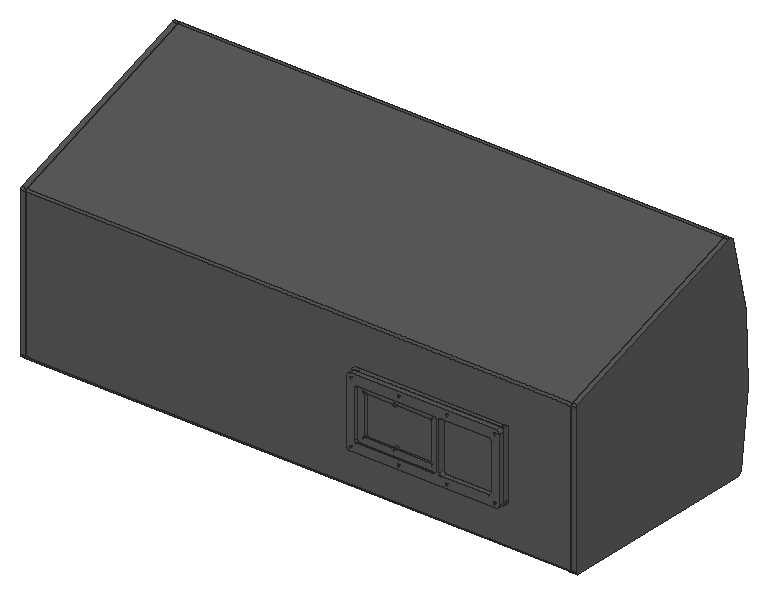
Revit family "EVU-2062", category Communication Devices, Revit 2017 (continued)
Definition of nested family "InputPanel_small"
  Lines and regions (mm)
    model lines
      curve 1018: line (-29.388, -4.337, 44.73) -> (-28.702, -4.337, 45.289)
      curve 1019: line (-28.702, -4.337, 45.289) -> (-27.893, -4.337, 45.486)
      curve 1020: line (-27.893, -4.337, 45.486) -> (-27.083, -4.337, 45.289)
      curve 1021: line (-27.083, -4.337, 45.289) -> (-26.397, -4.337, 44.729)
      curve 1022: line (-26.397, -4.337, 44.729) -> (-25.943, -4.337, 43.898)
      curve 1023: line (-25.939, -4.337, 43.892) -> (-25.655, -4.337, 42.903)
      curve 1024: line (-25.655, -4.337, 42.903) -> (-24.963, -4.337, 42.903)
      curve 1025: line (-24.963, -4.337, 42.903) -> (-22.846, -4.337, 42.903)
      curve 1026: line (-22.846, -4.337, 42.903) -> (-22.846, -4.337, 46.056)
      curve 1027: line (-25.779, -4.337, 30.291) -> (-25.941, -4.337, 29.303)
      curve 1028: line (-25.941, -4.337, 29.303) -> (-26.399, -4.337, 28.465)
      curve 1029: line (-26.399, -4.337, 28.465) -> (-27.085, -4.337, 27.905)
      curve 1030: line (-27.085, -4.337, 27.905) -> (-27.895, -4.337, 27.709)
      curve 1031: line (-27.895, -4.337, 27.709) -> (-28.704, -4.337, 27.906)
      curve 1032: line (-28.704, -4.337, 27.906) -> (-29.39, -4.337, 28.465)
      curve 1033: line (-29.39, -4.337, 28.465) -> (-29.849, -4.337, 29.303)
      curve 1034: line (-29.849, -4.337, 29.303) -> (-30.01, -4.337, 30.291)
      curve 1035: line (-30.01, -4.337, 30.291) -> (-29.849, -4.337, 31.279)
      curve 1036: line (-29.849, -4.337, 31.279) -> (-29.39, -4.337, 32.117)
      curve 1037: line (-29.39, -4.337, 32.117) -> (-28.704, -4.337, 32.677)
      curve 1038: line (-28.704, -4.337, 32.677) -> (-27.894, -4.337, 32.873)
      curve 1039: line (-27.894, -4.337, 32.873) -> (-27.085, -4.337, 32.676)
      curve 1040: line (-27.085, -4.337, 32.676) -> (-26.399, -4.337, 32.117)
      curve 1041: line (-26.399, -4.337, 32.117) -> (-25.944, -4.337, 31.286)
      curve 1042: line (-25.94, -4.337, 31.279) -> (-25.657, -4.337, 30.291)
      curve 1043: line (-25.657, -4.337, 30.291) -> (-24.965, -4.337, 30.291)
      curve 1044: line (-24.965, -4.337, 30.291) -> (-22.847, -4.337, 30.29)
      curve 1045: line (-22.847, -4.337, 30.29) -> (-22.848, -4.337, 36.486)
      curve 1046: line (-28.709, -4.337, 20.832) -> (-28.921, -4.337, 20.832)
      curve 1047: line (-28.921, -4.337, 20.832) -> (-28.921, -4.337, 21.175)
      curve 1048: line (-28.842, -4.337, 21.313) -> (-28.709, -4.337, 21.439)
      curve 1049: line (-28.709, -4.337, 21.439) -> (-28.709, -4.337, 20.832)
      curve 1050: line (-28.709, -4.337, 20.832) -> (-27.082, -4.337, 20.831)
      curve 1051: line (-27.082, -4.337, 20.831) -> (-27.082, -4.337, 21.438)
      curve 1052: line (-27.081, -4.337, 27.746) -> (-27.082, -4.337, 26.531)
      curve 1053: line (-27.081, -4.337, 34.051) -> (-27.081, -4.337, 32.836)
      curve 1054: line (-27.08, -4.337, 40.358) -> (-27.08, -4.337, 39.143)
      curve 1055: line (-28.706, -4.337, 46.057) -> (-28.918, -4.337, 46.057)
      curve 1056: line (-28.918, -4.337, 46.057) -> (-28.918, -4.337, 45.691)
      curve 1057: line (-28.839, -4.337, 45.575) -> (-28.706, -4.337, 45.449)
      curve 1058: line (-28.706, -4.337, 45.449) -> (-28.706, -4.337, 46.057)
      curve 1059: line (-28.706, -4.337, 46.057) -> (-27.079, -4.337, 46.057)
      curve 1060: line (-27.079, -4.337, 46.057) -> (-27.079, -4.337, 45.449)
      curve 1061: line (-28.919, -4.337, 40.095) -> (-28.915, -4.337, 39.417)
      curve 1062: line (-28.84, -4.337, 39.27) -> (-28.707, -4.337, 39.144)
      curve 1063: line (-28.707, -4.337, 39.144) -> (-28.707, -4.337, 40.359)
      curve 1064: line (-28.707, -4.337, 40.359) -> (-28.84, -4.337, 40.232)
      curve 1065: line (-28.708, -4.337, 34.051) -> (-28.708, -4.337, 32.836)
      curve 1066: line (-28.708, -4.337, 32.836) -> (-28.841, -4.337, 32.963)
      curve 1067: line (-28.92, -4.337, 33.078) -> (-28.919, -4.337, 33.787)
      curve 1068: line (-28.841, -4.337, 33.925) -> (-28.708, -4.337, 34.051)
      curve 1069: line (-28.92, -4.337, 27.482) -> (-28.917, -4.337, 26.804)
      curve 1070: line (-28.842, -4.337, 26.657) -> (-28.709, -4.337, 26.531)
      curve 1071: line (-28.709, -4.337, 26.531) -> (-28.708, -4.337, 27.746)
      curve 1072: line (-28.708, -4.337, 27.746) -> (-28.842, -4.337, 27.62)
      curve 1073: line (-24.272, -4.337, 33.155) -> (-26.389, -4.337, 33.155)
      curve 1074: line (-26.389, -4.337, 33.155) -> (-26.389, -4.337, 33.732)
      curve 1075: line (-26.389, -4.337, 33.732) -> (-24.272, -4.337, 33.731)
      curve 1076: line (-24.272, -4.337, 33.731) -> (-24.272, -4.337, 33.155)
      curve 1077: line (-24.271, -4.337, 39.462) -> (-24.271, -4.337, 40.039)
      curve 1078: line (-24.271, -4.337, 40.039) -> (-26.388, -4.337, 40.039)
      curve 1079: line (-26.388, -4.337, 40.039) -> (-26.388, -4.337, 39.463)
      curve 1080: line (-26.388, -4.337, 39.463) -> (-24.271, -4.337, 39.462)
      curve 1081: line (-24.272, -4.337, 26.85) -> (-24.272, -4.337, 27.426)
      curve 1082: line (-24.272, -4.337, 27.426) -> (-26.39, -4.337, 27.426)
      curve 1083: line (-26.39, -4.337, 27.426) -> (-26.39, -4.337, 26.85)
      curve 1084: line (-26.39, -4.337, 26.85) -> (-24.272, -4.337, 26.85)
      curve 1085: line (-26.388, -4.337, 46.057) -> (-24.27, -4.337, 46.056)
      curve 1086: line (-24.27, -4.337, 46.056) -> (-24.27, -4.337, 45.768)
      curve 1087: line (-24.27, -4.337, 45.768) -> (-26.388, -4.337, 45.768)
      curve 1088: line (-26.388, -4.337, 45.768) -> (-26.388, -4.337, 46.057)
      curve 1089: line (-26.388, -4.337, 46.057) -> (-27.079, -4.337, 46.057)
      curve 1090: line (-27.082, -4.337, 20.831) -> (-26.391, -4.337, 20.831)
      curve 1091: line (-26.391, -4.337, 20.831) -> (-26.391, -4.337, 21.119)
      curve 1092: line (-26.391, -4.337, 21.119) -> (-24.273, -4.337, 21.119)
      curve 1093: line (-24.273, -4.337, 21.119) -> (-24.273, -4.337, 20.831)
      curve 1094: line (-24.273, -4.337, 20.831) -> (-26.391, -4.337, 20.831)
      curve 1095: line (-25.785, -4.337, 36.802) -> (-27.579, -4.337, 34.613)
      curve 1096: line (-27.579, -4.337, 34.613) -> (-27.088, -4.337, 34.281)
      curve 1097: line (-25.785, -4.337, 43.108) -> (-27.578, -4.337, 40.92)
      curve 1098: line (-27.578, -4.337, 40.92) -> (-27.087, -4.337, 40.587)
      curve 1099: line (-25.812, -4.337, 37.057) -> (-27.412, -4.337, 35.105)
      curve 1100: line (-27.412, -4.337, 35.105) -> (-27.981, -4.337, 35.105)
      curve 1101: line (-27.981, -4.337, 35.105) -> (-25.943, -4.337, 37.592)
      curve 1102: line (-25.812, -4.337, 43.363) -> (-27.411, -4.337, 41.411)
      curve 1103: line (-27.411, -4.337, 41.411) -> (-27.981, -4.337, 41.411)
      curve 1104: line (-27.981, -4.337, 41.411) -> (-25.943, -4.337, 43.898)
      curve 1105: line (-25.786, -4.337, 30.496) -> (-27.579, -4.337, 28.307)
      curve 1106: line (-27.579, -4.337, 28.307) -> (-27.088, -4.337, 27.974)
      curve 1107: line (-25.787, -4.337, 24.189) -> (-27.58, -4.337, 22.001)
      curve 1108: line (-27.58, -4.337, 22.001) -> (-27.089, -4.337, 21.668)
      curve 1109: line (-25.814, -4.337, 24.444) -> (-27.413, -4.337, 22.492)
      curve 1110: line (-27.413, -4.337, 22.492) -> (-27.983, -4.337, 22.492)
      curve 1111: line (-27.983, -4.337, 22.492) -> (-25.945, -4.337, 24.979)
      curve 1112: line (-25.813, -4.337, 30.75) -> (-27.412, -4.337, 28.798)
      curve 1113: line (-27.412, -4.337, 28.798) -> (-27.982, -4.337, 28.799)
      curve 1114: line (-27.982, -4.337, 28.799) -> (-25.944, -4.337, 31.286)
      curve 1115: line (-22.849, -4.337, 23.874) -> (-22.85, -4.337, 20.831)
      curve 1116: line (-22.85, -4.337, 20.831) -> (-17.426, -4.337, 20.83)
      curve 1117: line (-17.426, -4.337, 20.83) -> (-17.423, -4.337, 46.056)
      curve 1118: line (-17.423, -4.337, 46.056) -> (-22.846, -4.337, 46.056)
      curve 1119: line (-22.846, -4.337, 46.056) -> (-24.27, -4.337, 46.056)
      curve 1120: line (-24.27, -4.337, 46.056) -> (-21.157, -4.337, 46.184)
      curve 1121: line (-21.157, -4.337, 46.184) -> (-21.035, -4.337, 46.361)
      curve 1122: line (-24.273, -4.337, 20.831) -> (-22.85, -4.337, 20.831)
      curve 1123: line (-16.642, -4.337, 39.451) -> (-16.643, -4.337, 33.939)
      curve 1124: line (-16.643, -4.337, 33.939) -> (-12.428, -4.337, 33.939)
      curve 1125: line (-12.428, -4.337, 33.939) -> (-12.427, -4.337, 39.451)
      curve 1126: line (-12.427, -4.337, 39.451) -> (-16.642, -4.337, 39.451)
      curve 1127: line (-12.427, -4.337, 40.047) -> (-12.426, -4.337, 45.558)
      curve 1128: line (-12.426, -4.337, 45.558) -> (-16.641, -4.337, 45.559)
      curve 1129: line (-16.641, -4.337, 45.559) -> (-16.642, -4.337, 40.047)
      curve 1130: line (-16.642, -4.337, 40.047) -> (-12.427, -4.337, 40.047)
      curve 1131: line (-17.1, -4.337, 20.83) -> (-17.097, -4.337, 46.055)
      curve 1132: line (-17.097, -4.337, 46.055) -> (-11.97, -4.337, 46.055)
      curve 1133: line (-11.97, -4.337, 46.055) -> (-11.974, -4.337, 20.83)
      curve 1134: line (-11.974, -4.337, 20.83) -> (-17.1, -4.337, 20.83)
      curve 1135: line (-17.1, -4.337, 20.83) -> (-17.426, -4.337, 20.83)
      curve 1136: line (-16.644, -4.337, 26.839) -> (-16.644, -4.337, 21.327)
      curve 1137: line (-16.644, -4.337, 21.327) -> (-12.429, -4.337, 21.326)
      curve 1138: line (-12.429, -4.337, 21.326) -> (-12.428, -4.337, 26.838)
      curve 1139: line (-12.428, -4.337, 26.838) -> (-16.644, -4.337, 26.839)
      curve 1140: line (-12.428, -4.337, 27.434) -> (-12.428, -4.337, 32.946)
      curve 1141: line (-12.428, -4.337, 32.946) -> (-16.643, -4.337, 32.946)
      curve 1142: line (-16.643, -4.337, 32.946) -> (-16.644, -4.337, 27.434)
      curve 1143: line (-16.644, -4.337, 27.434) -> (-12.428, -4.337, 27.434)
      curve 1144: line (-17.097, -4.337, 46.055) -> (-17.423, -4.337, 46.056)
      curve 1145: line (-17.423, -4.337, 46.056) -> (-14.161, -4.337, 46.183)
      curve 1146: line (-14.161, -4.337, 46.183) -> (-14.039, -4.337, 46.36)
      curve 1147: line (-14.039, -4.337, 46.36) -> (-17.172, -4.337, 46.36)
      curve 1148: line (-17.172, -4.337, 46.36) -> (-17.294, -4.337, 46.183)
      curve 1149: line (-16.642, -4.337, 38.284) -> (-15.234, -4.337, 38.284)
      curve 1150: line (-15.234, -4.337, 38.284) -> (-14.908, -4.337, 38.972)
      curve 1151: line (-14.908, -4.337, 38.972) -> (-14.523, -4.337, 39.451)
      curve 1152: line (-16.644, -4.337, 25.672) -> (-15.235, -4.337, 25.671)
      curve 1153: line (-15.235, -4.337, 25.671) -> (-14.91, -4.337, 26.36)
      curve 1154: line (-14.91, -4.337, 26.36) -> (-14.525, -4.337, 26.838)
      curve 1155: line (-16.644, -4.337, 28.601) -> (-15.235, -4.337, 28.601)
      curve 1156: line (-15.235, -4.337, 28.601) -> (-14.91, -4.337, 27.913)
      curve 1157: line (-14.91, -4.337, 27.913) -> (-14.525, -4.337, 27.434)
      curve 1158: line (-16.642, -4.337, 41.214) -> (-15.234, -4.337, 41.214)
      curve 1159: line (-15.234, -4.337, 41.214) -> (-14.908, -4.337, 40.526)
      curve 1160: line (-14.908, -4.337, 40.526) -> (-14.523, -4.337, 40.047)
      curve 1161: line (-16.643, -4.337, 31.978) -> (-15.235, -4.337, 31.978)
      curve 1162: line (-15.235, -4.337, 31.978) -> (-14.909, -4.337, 32.666)
      curve 1163: line (-14.909, -4.337, 32.666) -> (-14.684, -4.337, 32.946)
      curve 1164: line (-16.642, -4.337, 44.591) -> (-15.233, -4.337, 44.59)
      curve 1165: line (-15.233, -4.337, 44.59) -> (-14.908, -4.337, 45.278)
      curve 1166: line (-14.908, -4.337, 45.278) -> (-14.682, -4.337, 45.559)
      curve 1167: line (-16.643, -4.337, 34.908) -> (-15.234, -4.337, 34.907)
      curve 1168: line (-15.234, -4.337, 34.907) -> (-14.909, -4.337, 34.219)
      curve 1169: line (-14.684, -4.337, 33.939) -> (-14.909, -4.337, 34.219)
      curve 1170: line (-14.909, -4.337, 34.219) -> (-14.908, -4.337, 38.972)
      curve 1171: line (-16.644, -4.337, 22.295) -> (-15.236, -4.337, 22.295)
      curve 1172: line (-15.236, -4.337, 22.295) -> (-14.911, -4.337, 21.607)
      curve 1173: line (-14.911, -4.337, 21.607) -> (-14.91, -4.337, 26.36)
      curve 1174: line (-14.685, -4.337, 21.327) -> (-14.911, -4.337, 21.607)
      curve 1175: line (-15.235, -4.337, 28.601) -> (-15.235, -4.337, 31.978)
      curve 1176: line (-15.234, -4.337, 41.214) -> (-15.233, -4.337, 44.59)
      curve 1177: line (-15.235, -4.337, 25.671) -> (-15.236, -4.337, 22.295)
      curve 1178: line (-15.234, -4.337, 38.284) -> (-15.234, -4.337, 34.907)
      curve 1179: line (-17.172, -4.337, 46.36) -> (-17.172, -4.337, 46.622)
      curve 1180: line (-17.172, -4.337, 46.622) -> (-14.039, -4.337, 46.621)
      curve 1181: line (-14.039, -4.337, 46.621) -> (-14.039, -4.337, 46.36)
      curve 1182: line (-17.172, -4.337, 46.622) -> (-17.753, -4.337, 46.622)
      curve 1183: line (-17.753, -4.337, 46.622) -> (-17.753, -4.337, 46.36)
      curve 1184: line (-17.753, -4.337, 46.36) -> (-17.631, -4.337, 46.183)
      curve 1185: line (-13.525, -4.337, 40.047) -> (-13.524, -4.337, 45.558)
      curve 1186: line (-13.527, -4.337, 27.434) -> (-13.526, -4.337, 32.946)
      curve 1187: line (-13.527, -4.337, 21.326) -> (-13.527, -4.337, 26.838)
      curve 1188: line (-13.526, -4.337, 33.939) -> (-13.525, -4.337, 39.451)
      curve 1189: line (-14.91, -4.337, 27.913) -> (-14.909, -4.337, 32.666)
      curve 1190: line (-14.908, -4.337, 40.526) -> (-14.908, -4.337, 45.278)
      curve 1191: line (-24.168, -4.337, 46.361) -> (-24.29, -4.337, 46.184)
      curve 1192: line (-24.168, -4.337, 46.622) -> (-24.168, -4.337, 46.361)
      curve 1193: line (-24.168, -4.337, 46.361) -> (-21.035, -4.337, 46.361)
      curve 1194: line (-21.035, -4.337, 46.361) -> (-21.035, -4.337, 46.622)
      curve 1195: line (-21.035, -4.337, 46.622) -> (-24.168, -4.337, 46.622)
      curve 1196: line (-24.168, -4.337, 46.622) -> (-24.749, -4.337, 46.623)
      curve 1197: line (-24.749, -4.337, 46.623) -> (-24.749, -4.337, 46.361)
      curve 1198: line (-24.749, -4.337, 46.361) -> (-24.627, -4.337, 46.184)
      curve 1199: line (-50.251, -4.337, 21.031) -> (-50.248, -4.337, 45.862)
      curve 1200: line (-50.193, -4.337, 45.807) -> (-50.196, -4.337, 21.086)
      curve 1201: line (-49.239, -4.337, 46.871) -> (-11.796, -4.337, 46.867)
      curve 1202: line (-11.851, -4.337, 46.812) -> (-49.184, -4.337, 46.816)
      curve 1203: line (-10.787, -4.337, 45.858) -> (-10.79, -4.337, 21.027)
      curve 1204: line (-10.79, -4.337, 21.029) -> (-10.842, -4.337, 45.803)
      curve 1205: line (-11.799, -4.337, 20.018) -> (-49.243, -4.337, 20.022)
      curve 1206: line (-49.188, -4.337, 20.077) -> (-11.854, -4.337, 20.073)
      curve 1207: line (-32.649, -4.337, 30.292) -> (-31.03, -4.337, 30.291)
      curve 1208: line (-31.03, -4.337, 30.291) -> (-30.696, -4.337, 30.291)
      curve 1209: line (-32.65, -4.337, 23.985) -> (-31.031, -4.337, 23.985)
      curve 1210: line (-31.031, -4.337, 23.985) -> (-30.698, -4.337, 23.985)
      curve 1211: line (-32.649, -4.337, 36.598) -> (-31.029, -4.337, 36.598)
      curve 1212: line (-31.029, -4.337, 36.598) -> (-30.696, -4.337, 36.598)
      curve 1213: line (-32.648, -4.337, 42.904) -> (-31.028, -4.337, 42.904)
      curve 1214: line (-31.028, -4.337, 42.904) -> (-30.695, -4.337, 42.904)
      curve 1215: line (-28.39, -4.337, 36.597) -> (-30.009, -4.337, 36.598)
      curve 1216: line (-30.009, -4.337, 36.598) -> (-30.343, -4.337, 36.598)
      curve 1217: line (-28.389, -4.337, 42.904) -> (-30.008, -4.337, 42.904)
      curve 1218: line (-30.008, -4.337, 42.904) -> (-30.341, -4.337, 42.904)
      curve 1219: line (-28.39, -4.337, 30.291) -> (-30.01, -4.337, 30.291)
      curve 1220: line (-30.01, -4.337, 30.291) -> (-30.343, -4.337, 30.291)
      curve 1221: line (-28.391, -4.337, 23.985) -> (-30.011, -4.337, 23.985)
      curve 1222: line (-30.011, -4.337, 23.985) -> (-30.344, -4.337, 23.985)
Definition of nested family "EV-L.dwg"
  Parameters (values of type "EV-L.dwg")
    Material = ""
    Default Elevation = 1219.20 mm
  Reference planes
    plane 1 "Center (Front/Back)": y = 0
    plane 2: z = 0
    plane 3 "Center (Left/Right)": x = 0
  Forms (mm)
    Extrusion 1, solid, not visible
      sketch origin (-18.843, -0.5, -73.012) x (-1, 0, 0) y (0, 0, 1)
        loop
          arc (-29.526, 84.261) -> (-30.141, 84.007) -> (-30.395, 83.392) r 0.869
          line (-30.395, 83.392) -> (-30.395, 62.633)
          arc (-30.395, 62.633) -> (-30.141, 62.018) -> (-29.526, 61.764) r 0.869
          line (-29.526, 61.764) -> (-8.052, 61.764)
          arc (-8.052, 61.764) -> (-7.438, 62.018) -> (-7.183, 62.633) r 0.869
          line (-7.183, 62.633) -> (-7.183, 83.392)
          arc (-7.183, 83.392) -> (-7.438, 84.007) -> (-8.052, 84.261) r 0.869
          line (-8.052, 84.261) -> (-29.526, 84.261)
      from 0 to -0.5
    Extrusion 2, solid
      sketch origin (-18.843, -5, -73.012) x (-1, 0, 0) y (0, 0, 1)
        loop
          line (-29.491, 83.392) -> (-29.491, 62.633) -> (-8.043, 62.633) -> (-8.043, 83.392) -> (-29.491, 83.392)
        loop
          line (-27.027, 79.951) -> (-27.027, 69.549) -> (-20.429, 69.549) -> (-20.429, 71.809) -> (-24.55, 71.809) -> (-24.55, 73.62) -> (-20.429, 73.62) -> (-20.429, 75.88) -> (-24.55, 75.88) -> (-24.55, 77.69) -> (-20.429, 77.69) -> (-20.429, 79.951) -> (-27.027, 79.951)
        loop
          line (-19.452, 75.88) -> (-19.452, 73.62) -> (-17.856, 73.62) -> (-17.856, 65.711) -> (-15.405, 65.711) -> (-9.782, 78.26) -> (-12.45, 78.26) -> (-15.379, 71.666) -> (-15.379, 75.88) -> (-19.452, 75.88)
      from 4.5 to 5
    Extrusion 3, solid
      sketch origin (-0.107, -1, 0) x (-1, 0, 0) y (0, 0, 1)
        loop
          line (10.366, 11.293) -> (-10.467, 11.293)
          arc (-10.467, 11.293) -> (-11.304, 10.947) -> (-11.651, 10.11) r 1.184
          line (-11.651, 10.11) -> (-11.651, -10.023)
          arc (-11.651, -10.023) -> (-11.304, -10.86) -> (-10.467, -11.207) r 1.184
          line (-10.467, -11.207) -> (10.366, -11.207)
          arc (10.366, -11.207) -> (11.203, -10.86) -> (11.549, -10.023) r 1.184
          line (11.549, -10.023) -> (11.549, 10.11)
          arc (11.549, 10.11) -> (11.203, 10.947) -> (10.366, 11.293) r 1.184
      from 0 to 0.5
Types (3, lengths in mm): name | ModelNumber | MaterialRALColour | LoudspeakerMaterial | CTN | GrillMaterial
  (no name) | "F.01U.216.251" | "RAL9004" | 13-plyWeather-resistantBirchEVCoat -RAL9004 | "EVU1062/95BLK" | 16GA Powder-coatedGalvanneal - B
  EVU1062/95WHT_Single_6.5_Inch_Two_Way_White | "F.01U.216.252" | "RAL9010" | 13-plyWeather-resistantBirchEVCoat -RAL9010 | "EVU1062/95WHT" | 16GA Powder-coatedGalvanneal - W
  EVU1062/95BLK_Single_6.5_Inch_Two_Way_Black | "F.01U.216.251" | "RAL9004" | 13-plyWeather-resistantBirchEVCoat -RAL9004 | "EVU1062/95BLK" | 16GA Powder-coatedGalvanneal - B
